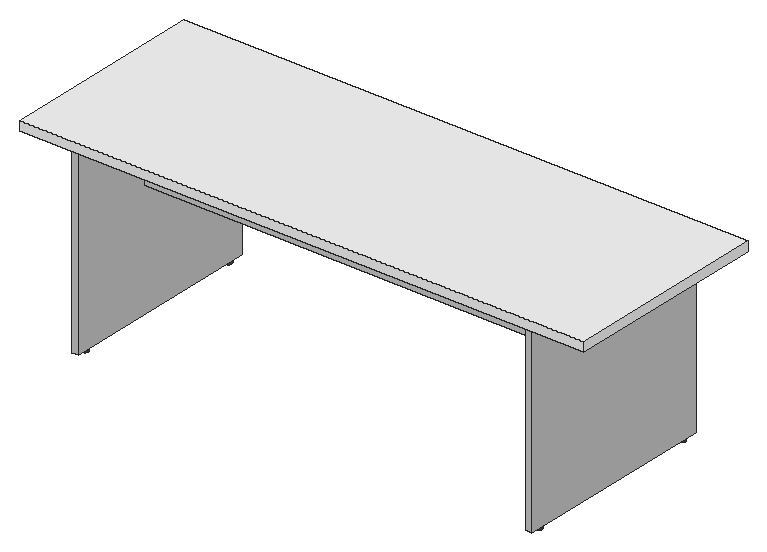
Revit family "Deck Inset Panel 800 Deep 1100 High", category Furniture, Revit 2016
Family settings
  OmniClass Number = 23.40.20.00
  OmniClass Title = General Furniture and Specialties
  Work Plane-Based = No
  Always vertical = Yes
  Cut with Voids When Loaded = No
  Shared = No
  Room Calculation Point = No
Parameters (values of type "2200 x 800")
  Width = 2200 mm
  URL = "www.gof.co.uk"
  Type Comments = ""
  Side Panels = Gresham - Grey MFC
  Range = "DECK"
  Product Code = "DCTEM22"
  Table Top = Gresham - White MFC
  Modesty Panel = Gresham - Grey MFC
  Model = ""
  Manufacturer = "Gresham Office Furniture"  # constant formula
  Foot = Gresham - Black Plastic
  Assembly Code = "E2020200"
Types (6, lengths in mm): name | Width | Product Code
  (no name) | 2200 | "DCTEM22"
  1600 x 800 | 1600 | "DCTEM16"
  1800 x 800 | 1800 | "DCTEM18"
  2000 x 800 | 2000 | "DCTEM20"
  1400 x 800 | 1400 | "DCTEM14"
  2200 x 800 | 2200 | "DCTEM22"
Reference planes
  plane 1 "Center (Front/Back)": y = 0
  plane 2: z = 0
  plane 3 "Center (Left/Right)": x = 0
  plane 4: x = -1100
  plane 5: x = 1100
  plane 6 "Table Underside": z = 714
  plane 7: y = 400
  plane 8: y = -400
  plane 9 "Foot": z = 10
  plane 10 "Modesty Panel": z = 464
  plane 11: y = 62.5
  plane 12: y = -62.5
Forms (mm)
  Extrusion 1, solid, material "Gresham - Black Plastic"
    sketch origin (474.491, 484.546, 0) x (0.707107, -0.707107, 0) y (0.707107, 0.707107, 0)
      loop
        circle (880.033, -300.193) r 12
      loop
        circle (385.058, 194.782) r 12
    from 0 to 5
  Extrusion 2, solid, material "Gresham - White MFC" <- "Table Top"
    sketch origin (0, 0, 714) x (-1, 0, 0) y (0, -1, 0)
      loop
        line (-1100, -400) -> (1100, -400) -> (1100, 400) -> (-1100, 400) -> (-1100, -400)
    from 0 to 36
  Extrusion 3, solid, material "Gresham - Grey MFC" <- "Side Panels"
    sketch origin (797, -1.506, 0) x (0, -1, 0) y (0, 0, 1)
      loop
        line (-399.506, 714) -> (-399.506, 10) -> (396.494, 10) -> (396.494, 714) -> (-399.506, 714)
    from -100 to -75
  Extrusion 4, solid, material "Gresham - Silver Metal"
    sketch origin (0, 0, 10) x (-1, 0, 0) y (0, -1, 0)
      loop
        circle (-884.5, 350) r 5
      loop
        circle (-884.5, -350) r 5
    from -5 to 0
  Extrusion 5, solid, material "Gresham - Grey MFC" <- "Side Panels"
    sketch origin (-797, -1.506, 0) x (0, -1, 0) y (0, 0, -1)
      loop
        line (-399.506, -714) -> (396.494, -714) -> (396.494, -10) -> (-399.506, -10) -> (-399.506, -714)
    from -100 to -75
  Extrusion 6, solid, material "Gresham - Grey MFC" <- "Modesty Panel"
    sketch origin (0, 0, 464) x (0, -1, 0) y (1, 0, 0)
      loop
        line (62.5, 872) -> (62.5, -872) -> (80.5, -872) -> (80.5, 872) -> (62.5, 872)
      loop
        line (-62.5, -872) -> (-62.5, 872) -> (-80.5, 872) -> (-80.5, -872) -> (-62.5, -872)
    from 0 to 250
  Extrusion 7, solid, material "Gresham - Black Plastic"
    sketch origin (-474.491, 484.546, 0) x (-0.707107, -0.707107, 0) y (0.707107, -0.707107, 0)
      loop
        circle (880.033, 300.193) r 12
      loop
        circle (385.058, -194.782) r 12
    from 0 to 5
  Extrusion 8, solid, material "Gresham - Silver Metal"
    sketch origin (0, 0, 10) x (1, 0, 0) y (0, 1, 0)
      loop
        circle (-884.5, -350) r 5
      loop
        circle (-884.5, 350) r 5
    from -5 to 0
Lines and regions (mm)
  model lines
    curve 1: line (884.5, 362, 714) -> (884.5, -362, 714)
    curve 2: line (-884.5, 362, 714) -> (-884.5, -362, 714)
Dimensions and locks
  locked: plane 6 "Table Underside" to plane 2 at 714
  equal spacing: plane 4, plane 3 "Center (Left/Right)", plane 5
  "Width": plane 4 to plane 5
  equal spacing: plane 7, plane 1 "Center (Front/Back)", plane 8
  locked: plane 7 to plane 8 at 800
  locked: Extrusion 2 to level at 750
  locked: plane 10 "Modesty Panel" to plane 6 "Table Underside" at 250
  locked: Extrusion 3 to Extrusion 3 at 25
  locked: plane 7 to Extrusion 3 at 2
  locked: Extrusion 3 to plane 8 at 2
  locked: plane 9 "Foot" to plane 2 at 10
  locked: Extrusion 1 sketch curve to plane 8 at 50
  locked: plane 7 to Extrusion 1 sketch curve at 50
  locked: Extrusion 4 sketch curve to plane 8 at 50
  locked: plane 7 to Extrusion 4 sketch curve at 50
  locked: Extrusion 3 to plane 5 at 203
  locked: Extrusion 5 to Extrusion 5 at 25
  locked: plane 4 to Extrusion 5 at 203
  equal spacing: plane 12, plane 1 "Center (Front/Back)", plane 11
  locked: plane 11 to plane 12 at 125
  locked: Extrusion 2 to Extrusion 2 at 36
  locked: Extrusion 7 sketch curve to plane 8 at 50
  locked: plane 7 to Extrusion 7 sketch curve at 50
  locked: plane 7 to Extrusion 5 at 2
  locked: Extrusion 5 to plane 8 at 2
  radius of Extrusion 1 sketch curve = 12 mm  (x2)
  radius of Extrusion 4 sketch curve = 5 mm  (x2)
  radius of Extrusion 7 sketch curve = 12 mm  (x2)
  radius of Extrusion 8 sketch curve = 5 mm  (x2)
  aligned and locked: level to plane 2
  aligned and locked: Extrusion 2 to plane 8
  aligned and locked: plane 7 to Extrusion 2
  aligned and locked: Extrusion 2 sketch curve to plane 4
  aligned and locked: Extrusion 2 sketch curve to plane 8
  aligned and locked: Extrusion 2 sketch curve to plane 5
  aligned and locked: plane 7 to Extrusion 2 sketch curve
  aligned and locked: Extrusion 3 to plane 9 "Foot"
  aligned and locked: plane 9 "Foot" to Extrusion 4
  aligned and locked: Extrusion 6 to Extrusion 3  (x2)
  aligned and locked: Extrusion 6 to Extrusion 5  (x2)
  aligned and locked: plane 6 "Table Underside" to Extrusion 6
  aligned and locked: Extrusion 2 to plane 6 "Table Underside"
Automatic sketch dimensions
  plane 5 to Extrusion 1 sketch curve = 215.5 mm
  Extrusion 1 sketch curve to Extrusion 1 sketch curve = 494.975 mm
  Extrusion 3 sketch curve to plane 9 "Foot" = 0 mm
  Extrusion 3 sketch curve to plane 6 "Table Underside" = 0 mm
  Extrusion 3 sketch curve to plane 7 = 2 mm
  plane 8 to Extrusion 3 sketch curve = 2 mm
  plane 8 to curve 1 = 38 mm
  plane 5 to curve 1 = 215.5 mm
  plane 8 to curve 2 = 38 mm
  plane 4 to curve 2 = 215.5 mm
  curve 1 to plane 7 = 38 mm
  curve 2 to plane 7 = 38 mm
  plane 5 to Extrusion 4 sketch curve = 215.5 mm  (x2)
  Extrusion 5 sketch curve to plane 9 "Foot" = 0 mm
  Extrusion 5 sketch curve to plane 6 "Table Underside" = 0 mm
  Extrusion 5 sketch curve to plane 7 = 2 mm
  plane 8 to Extrusion 5 sketch curve = 2 mm
  Extrusion 6 sketch curve to plane 11 = 0 mm
  plane 12 to Extrusion 6 sketch curve = 0 mm
  Extrusion 6 sketch curve to Extrusion 6 sketch curve = 18 mm  (x2)
  plane 4 to Extrusion 6 sketch curve = 228 mm
  Extrusion 6 sketch curve to Extrusion 6 sketch curve = 0 mm  (x2)
  plane 5 to Extrusion 6 sketch curve = 228 mm
  Extrusion 7 sketch curve to plane 4 = 215.5 mm
  Extrusion 7 sketch curve to Extrusion 7 sketch curve = 494.975 mm
  plane 7 to Extrusion 8 sketch curve = 50 mm
  Extrusion 8 sketch curve to plane 4 = 215.5 mm  (x2)
  Extrusion 8 sketch curve to plane 8 = 50 mm
